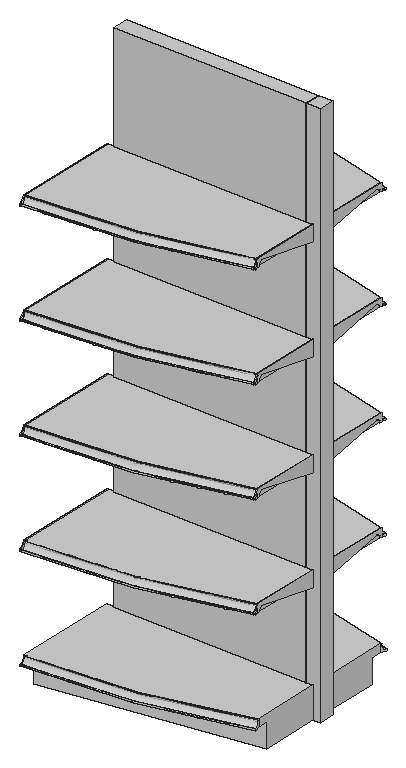
Revit family "ML16", category Specialty Equipment, Revit 2012
Parameters (values of type "Half Radius Convex Big to Small (Default)")
  Width = 3' - 0"
  URL = "http://www.madixinc.com/display/maxiline/shelvesaccessories/halfradiusbase.html"
  Model = "Maxi Line"
  Manufacturer = "© 2012 Madix, Inc. All rights reserved."
  "Front" Base Shelf [instance] = yes
  "Front" 2' Shelf [instance] = yes
  "Front" 3' 6" Shelf [instance] = yes
  "Front" 5' Shelf [instance] = yes
  "Front" 6' 6" Shelf [instance] = yes
  Height = 8' - 0"
  "Back" Base Shelf [instance] = yes
  "Back" 2' Shelf [instance] = yes
  "Back" 3' 6" Shelf [instance] = yes
  "Back" 5' Shelf [instance] = yes
  "Back" 6' 6" Shelf [instance] = yes
  "Front" Shelf Depth = 1' - 6"
  "Back" Shelf Depth = 1' - 6"
Reference planes (in)
  plane 1 "Center (Front/Back)": y = 0
  plane 2: z = 0
  plane 3 "Center (Left/Right)": x = 0
  plane 4: x = -18
  plane 5: x = 18
  plane 6: y = 1.375
  plane 7: y = -1.375
  plane 8: z = 96
  plane 9: x = -19.25
  plane 10: x = -16.75
  plane 11: x = 19.25
  plane 12: x = 16.75
  plane 13: y = -20.25
  plane 14: y = -14.25
  plane 15: y = 20.25
  plane 16: y = 14.25
  plane 17: x = -19.25
  plane 18: x = 19.25
  plane 19: y = -19.375
  plane 20: y = 19.375
  plane 21: y = -13.375
  plane 22: y = 13.375
  plane 23: y = -13.25
  plane 24: y = -19.25
  plane 25: y = 13.25
  plane 26: y = 19.25
  plane 27: x = -17.875
  plane 28: x = 17.875
  plane 29: y = -17.375
  plane 30: y = 17.375
  plane 31: y = -11.375
  plane 32: y = 11.375
  plane 33: z = 5.5
  plane 34: z = 4.125
  plane 35: z = 23.5
  plane 36: z = 41.5
  plane 37: z = 59.5
  plane 38: z = 77.5
  plane 39: z = 22.125
  plane 40: z = 40.125
  plane 41: z = 58.125
  plane 42: z = 76.125
Forms (in)
  Extrusion 1, solid, material "Metal - Steel"
    sketch origin (0, 0, 0) x (1, 0, 0) y (0, 1, 0)
      loop
        line (16.75, 1.375) -> (16.75, -1.375) -> (19.25, -1.375) -> (19.25, 1.375) -> (16.75, 1.375)
      loop
        line (-16.71875, -1.375) -> (16.71875, -1.375) -> (16.71875, 1.375) -> (-16.71875, 1.375) -> (-16.71875, -1.375)
    from 0 to 96
  Extrusion 2, solid, material "Metal - Steel", visible <- ""Front" Base Shelf"
    sketch origin (0, 0, 0) x (1, 0, 0) y (0, 1, 0)
      loop
        line (-18, -1.375) -> (-18, -17.375) -> (18, -11.375) -> (18, -1.375) -> (-18, -1.375)
    from 0 to 4.125
  Extrusion 3, solid, material "Metal - Steel", visible <- ""Front" Base Shelf"
    sketch origin (0, 0, 0) x (1, 0, 0) y (0, 1, 0)
      loop
        line (-18, -1.375) -> (-18, -19.25) -> (-17.875, -19.25)
        arc (-17.875, -19.25) -> (0.28456, -17.57775) -> (18, -13.25) r 123.52118
        line (18, -13.25) -> (18, -1.375) -> (-18, -1.375)
    from 4.125 to 5.5
  Extrusion 4, solid, material "Metal - Steel", visible <- ""Back" Base Shelf"
    sketch origin (0, 0, 0) x (1, 0, 0) y (0, 1, 0)
      loop
        line (-18, 1.375) -> (18, 1.375) -> (18, 11.375) -> (-18, 17.375) -> (-18, 1.375)
    from 0 to 4.125
  Extrusion 5, solid, material "Metal - Steel", visible <- ""Back" Base Shelf"
    sketch origin (0, 0, 0) x (1, 0, 0) y (0, 1, 0)
      loop
        line (-18, 1.375) -> (18, 1.375) -> (18, 13.25)
        arc (18, 13.25) -> (0.28456, 17.57775) -> (-17.875, 19.25) r 123.52118
        line (-17.875, 19.25) -> (-18, 19.25) -> (-18, 1.375)
    from 4.125 to 5.5
  Sweep 6, solid, material "Metal - Steel", visible <- ""Front" Base Shelf"
    path in 3D
      loop
        line (-18, -19.25, 5.5) -> (-17.875, -19.25, 5.5)
        arc (-17.875, -19.25, 5.5) -> (0.28456, -17.57775, 5.5) -> (18, -13.25, 5.5) r 123.52118
    profile origin (-17.9375, -19.25, 5.5) x (0, 1, 0) y (0, 0, 1)
      loop
        line (0, 0) -> (-0.25, 0) -> (-0.25, -0.125) -> (-0.125, -0.125)
        arc (-0.125, -0.125) -> (-0.38696, -0.76286) -> (-0.875, -1.25) r 1.75
        line (-0.875, -1.25) -> (-0.875, -1.125) -> (-1, -1.125) -> (-1, -1.375) -> (0, -1.375) -> (0, 0)
  Sweep 7, solid, material "Metal - Steel", visible <- ""Back" Base Shelf"
    path in 3D
      loop
        arc (18, 13.25, 5.5) -> (0.28456, 17.57775, 5.5) -> (-17.875, 19.25, 5.5) r 123.52118
        line (-17.875, 19.25, 5.5) -> (-18, 19.25, 5.5)
    profile origin (-17.9375, 19.25, 5.5) x (0, -1, 0) y (0, 0, 1)
      loop
        line (0, 0) -> (-0.25, 0) -> (-0.25, -0.125) -> (-0.125, -0.125)
        arc (-0.125, -0.125) -> (-0.38696, -0.76286) -> (-0.875, -1.25) r 1.75
        line (-0.875, -1.25) -> (-0.875, -1.125) -> (-1, -1.125) -> (-1, -1.375) -> (0, -1.375) -> (0, 0)
  Extrusion 8, solid, material "Metal - Steel", visible <- ""Front" 2' Shelf"
    sketch origin (0, 0, 0) x (1, 0, 0) y (0, 1, 0)
      loop
        line (-17.875, -1.375) -> (-17.875, -19.25) -> (-17.75, -19.25)
        arc (-17.75, -19.25) -> (0.28602, -17.57718) -> (17.875, -13.25) r 121.89023
        line (17.875, -13.25) -> (17.875, -1.375) -> (-17.875, -1.375)
    from 22.125 to 23.5
  Extrusion 9, solid, material "Metal - Steel", visible <- ""Back" 2' Shelf"
    sketch origin (0, 0, 0) x (1, 0, 0) y (0, 1, 0)
      loop
        line (-17.875, 1.375) -> (17.875, 1.375) -> (17.875, 13.25)
        arc (17.875, 13.25) -> (0.28602, 17.57718) -> (-17.75, 19.25) r 121.89023
        line (-17.75, 19.25) -> (-17.875, 19.25) -> (-17.875, 1.375)
    from 22.125 to 23.5
  Sweep 10, solid, material "Metal - Steel", visible <- ""Front" 2' Shelf"
    path in 3D
      loop
        line (-17.875, -19.25, 23.5) -> (-17.75, -19.25, 23.5)
        arc (-17.75, -19.25, 23.5) -> (0.28602, -17.57718, 23.5) -> (17.875, -13.25, 23.5) r 121.89023
    profile origin (-17.8125, -19.25, 23.5) x (0, 1, 0) y (0, 0, 1)
      loop
        line (0, 0) -> (-0.25, 0) -> (-0.25, -0.125) -> (-0.125, -0.125)
        arc (-0.125, -0.125) -> (-0.38696, -0.76286) -> (-0.875, -1.25) r 1.75
        line (-0.875, -1.25) -> (-0.875, -1.125) -> (-1, -1.125) -> (-1, -1.375) -> (0, -1.375) -> (0, 0)
  Sweep 11, solid, material "Metal - Steel", visible <- ""Back" 2' Shelf"
    path in 3D
      loop
        arc (17.875, 13.25, 23.5) -> (0.28602, 17.57718, 23.5) -> (-17.75, 19.25, 23.5) r 121.89023
        line (-17.75, 19.25, 23.5) -> (-17.875, 19.25, 23.5)
    profile origin (-17.8125, 19.25, 23.5) x (0, -1, 0) y (0, 0, 1)
      loop
        line (0, 0) -> (-0.25, 0) -> (-0.25, -0.125) -> (-0.125, -0.125)
        arc (-0.125, -0.125) -> (-0.38696, -0.76286) -> (-0.875, -1.25) r 1.75
        line (-0.875, -1.25) -> (-0.875, -1.125) -> (-1, -1.125) -> (-1, -1.375) -> (0, -1.375) -> (0, 0)
  Extrusion 12, solid, material "Metal - Steel", visible <- ""Front" 3' 6" Shelf"
    sketch origin (0, 0, 0) x (1, 0, 0) y (0, 1, 0)
      loop
        line (-17.875, -1.375) -> (-17.875, -19.25) -> (-17.75, -19.25)
        arc (-17.75, -19.25) -> (0.28602, -17.57718) -> (17.875, -13.25) r 121.89023
        line (17.875, -13.25) -> (17.875, -1.375) -> (-17.875, -1.375)
    from 40.125 to 41.5
  Extrusion 13, solid, material "Metal - Steel", visible <- ""Front" 5' Shelf"
    sketch origin (0, 0, 0) x (1, 0, 0) y (0, 1, 0)
      loop
        line (-17.875, -1.375) -> (-17.875, -19.25) -> (-17.75, -19.25)
        arc (-17.75, -19.25) -> (0.28602, -17.57718) -> (17.875, -13.25) r 121.89023
        line (17.875, -13.25) -> (17.875, -1.375) -> (-17.875, -1.375)
    from 58.125 to 59.5
  Extrusion 14, solid, material "Metal - Steel", visible <- ""Front" 6' 6" Shelf"
    sketch origin (0, 0, 0) x (1, 0, 0) y (0, 1, 0)
      loop
        line (-17.875, -1.375) -> (-17.875, -19.25) -> (-17.75, -19.25)
        arc (-17.75, -19.25) -> (0.28602, -17.57718) -> (17.875, -13.25) r 121.89023
        line (17.875, -13.25) -> (17.875, -1.375) -> (-17.875, -1.375)
    from 76.125 to 77.5
  Extrusion 15, solid, material "Metal - Steel", visible <- ""Back" 3' 6" Shelf"
    sketch origin (0, 0, 0) x (1, 0, 0) y (0, 1, 0)
      loop
        line (-17.875, 1.375) -> (17.875, 1.375) -> (17.875, 13.25)
        arc (17.875, 13.25) -> (0.28602, 17.57718) -> (-17.75, 19.25) r 121.89023
        line (-17.75, 19.25) -> (-17.875, 19.25) -> (-17.875, 1.375)
    from 40.125 to 41.5
  Extrusion 16, solid, material "Metal - Steel", visible <- ""Back" 5' Shelf"
    sketch origin (0, 0, 0) x (1, 0, 0) y (0, 1, 0)
      loop
        line (-17.875, 1.375) -> (17.875, 1.375) -> (17.875, 13.25)
        arc (17.875, 13.25) -> (0.28602, 17.57718) -> (-17.75, 19.25) r 121.89023
        line (-17.75, 19.25) -> (-17.875, 19.25) -> (-17.875, 1.375)
    from 58.125 to 59.5
  Extrusion 17, solid, material "Metal - Steel", visible <- ""Back" 6' 6" Shelf"
    sketch origin (0, 0, 0) x (1, 0, 0) y (0, 1, 0)
      loop
        line (-17.875, 1.375) -> (17.875, 1.375) -> (17.875, 13.25)
        arc (17.875, 13.25) -> (0.28602, 17.57718) -> (-17.75, 19.25) r 121.89023
        line (-17.75, 19.25) -> (-17.875, 19.25) -> (-17.875, 1.375)
    from 76.125 to 77.5
  Extrusion 18, solid, material "Metal - Steel", visible <- ""Front" 2' Shelf"
    sketch origin (0, 0, 0) x (0, 1, 0) y (0, 0, 1)
      loop
        line (-1.375, 23.5) -> (-19.5, 23.5) -> (-19.5, 23.375)
        arc (-19.5, 23.375) -> (-19.81743, 22.83182) -> (-20.25, 22.375) r 2.75
        line (-20.25, 22.375) -> (-20.25, 22.125) -> (-19.25, 22.125) -> (-19.25, 22.375) -> (-18.5, 23) -> (-18.25, 23) -> (-18.25, 22.875) -> (-1.375, 20.75) -> (-1.375, 23.5)
      loop
        circle (-3.5, 23) r 0.125
      loop
        circle (-16.25, 23) r 0.125
    from -18 to -17.875
  Extrusion 19, solid, material "Metal - Steel", visible <- ""Back" 2' Shelf"
    sketch origin (0, 0, 0) x (0, -1, 0) y (0, 0, -1)
      loop
        line (-1.375, -23.5) -> (-1.375, -20.75) -> (-18.25, -22.875) -> (-18.25, -23) -> (-18.5, -23) -> (-19.25, -22.375) -> (-19.25, -22.125) -> (-20.25, -22.125) -> (-20.25, -22.375)
        arc (-20.25, -22.375) -> (-19.81743, -22.83182) -> (-19.5, -23.375) r 2.75
        line (-19.5, -23.375) -> (-19.5, -23.5) -> (-1.375, -23.5)
      loop
        circle (-9.5, -23) r 0.125
      loop
        circle (-16.25, -23) r 0.125
    from -18 to -17.875
  Extrusion 20, solid, material "Metal - Steel", visible <- ""Front" 2' Shelf"
    sketch origin (0, 0, 0) x (0, 1, 0) y (0, 0, 1)
      loop
        line (-1.375, 23.5) -> (-13.5, 23.5) -> (-13.5, 23.375)
        arc (-13.5, 23.375) -> (-13.81743, 22.83182) -> (-14.25, 22.375) r 2.75
        line (-14.25, 22.375) -> (-14.25, 22.125) -> (-13.25, 22.125) -> (-13.25, 22.375) -> (-12.5, 23) -> (-12.25, 23) -> (-12.25, 22.875) -> (-1.375, 20.75) -> (-1.375, 23.5)
      loop
        circle (-3.5, 23) r 0.125
      loop
        circle (-10.25, 23) r 0.125
    from 17.875 to 18
  Extrusion 21, solid, material "Metal - Steel", visible <- ""Back" 2' Shelf"
    sketch origin (0, 0, 0) x (0, -1, 0) y (0, 0, -1)
      loop
        line (-1.375, -23.5) -> (-1.375, -20.75) -> (-12.25, -22.875) -> (-12.25, -23) -> (-12.5, -23) -> (-13.25, -22.375) -> (-13.25, -22.125) -> (-14.25, -22.125) -> (-14.25, -22.375)
        arc (-14.25, -22.375) -> (-13.81743, -22.83182) -> (-13.5, -23.375) r 2.75
        line (-13.5, -23.375) -> (-13.5, -23.5) -> (-1.375, -23.5)
      loop
        circle (-3.5, -23) r 0.125
      loop
        circle (-10.25, -23) r 0.125
    from 17.875 to 18
  Sweep 22, solid, material "Metal - Steel", visible <- ""Front" 5' Shelf"
    path in 3D
      loop
        line (-17.875, -19.25, 59.5) -> (-17.75, -19.25, 59.5)
        arc (-17.75, -19.25, 59.5) -> (0.28602, -17.57718, 59.5) -> (17.875, -13.25, 59.5) r 121.89023
    profile origin (-17.8125, -19.25, 59.5) x (0, 1, 0) y (0, 0, 1)
      loop
        line (0, 0) -> (-0.25, 0) -> (-0.25, -0.125) -> (-0.125, -0.125)
        arc (-0.125, -0.125) -> (-0.38696, -0.76286) -> (-0.875, -1.25) r 1.74999
        line (-0.875, -1.25) -> (-0.875, -1.125) -> (-1, -1.125) -> (-1, -1.375) -> (0, -1.375) -> (0, 0)
  Sweep 23, solid, material "Metal - Steel", visible <- ""Front" 6' 6" Shelf"
    path in 3D
      loop
        line (-17.875, -19.25, 77.5) -> (-17.75, -19.25, 77.5)
        arc (-17.75, -19.25, 77.5) -> (0.28602, -17.57718, 77.5) -> (17.875, -13.25, 77.5) r 121.89023
    profile origin (-17.8125, -19.25, 77.5) x (0, 1, 0) y (0, 0, 1)
      loop
        line (0, 0) -> (-0.25, 0) -> (-0.25, -0.125) -> (-0.125, -0.125)
        arc (-0.125, -0.125) -> (-0.38696, -0.76286) -> (-0.875, -1.25) r 1.74999
        line (-0.875, -1.25) -> (-0.875, -1.125) -> (-1, -1.125) -> (-1, -1.375) -> (0, -1.375) -> (0, 0)
  Sweep 24, solid, material "Metal - Steel", visible <- ""Back" 3' 6" Shelf"
    path in 3D
      loop
        arc (17.875, 13.25, 41.5) -> (0.28602, 17.57718, 41.5) -> (-17.75, 19.25, 41.5) r 121.89023
        line (-17.75, 19.25, 41.5) -> (-17.875, 19.25, 41.5)
    profile origin (-17.8125, 19.25, 41.5) x (0, -1, 0) y (0, 0, 1)
      loop
        arc (-0.125, -0.125) -> (-0.38696, -0.76286) -> (-0.875, -1.25) r 1.75
        line (-0.875, -1.25) -> (-0.875, -1.125) -> (-1, -1.125) -> (-1, -1.375) -> (0, -1.375) -> (0, 0) -> (-0.25, 0) -> (-0.25, -0.125) -> (-0.125, -0.125)
  Sweep 25, solid, material "Metal - Steel", visible <- ""Back" 5' Shelf"
    path in 3D
      loop
        arc (17.875, 13.25, 59.5) -> (0.28602, 17.57718, 59.5) -> (-17.75, 19.25, 59.5) r 121.89023
        line (-17.75, 19.25, 59.5) -> (-17.875, 19.25, 59.5)
    profile origin (-17.8125, 19.25, 59.5) x (0, -1, 0) y (0, 0, 1)
      loop
        arc (-0.125, -0.125) -> (-0.38696, -0.76286) -> (-0.875, -1.25) r 1.75
        line (-0.875, -1.25) -> (-0.875, -1.125) -> (-1, -1.125) -> (-1, -1.375) -> (0, -1.375) -> (0, 0) -> (-0.25, 0) -> (-0.25, -0.125) -> (-0.125, -0.125)
  Sweep 26, solid, material "Metal - Steel", visible <- ""Back" 6' 6" Shelf"
    path in 3D
      loop
        arc (17.875, 13.25, 77.5) -> (0.28602, 17.57718, 77.5) -> (-17.75, 19.25, 77.5) r 121.89023
        line (-17.75, 19.25, 77.5) -> (-17.875, 19.25, 77.5)
    profile origin (-17.8125, 19.25, 77.5) x (0, -1, 0) y (0, 0, 1)
      loop
        arc (-0.125, -0.125) -> (-0.38696, -0.76286) -> (-0.875, -1.25) r 1.74999
        line (-0.875, -1.25) -> (-0.875, -1.125) -> (-1, -1.125) -> (-1, -1.375) -> (0, -1.375) -> (0, 0) -> (-0.25, 0) -> (-0.25, -0.125) -> (-0.125, -0.125)
  Extrusion 27, solid, material "Metal - Steel", visible <- ""Front" 3' 6" Shelf"
    sketch origin (0, 0, 18) x (0, 1, 0) y (0, 0, 1)
      loop
        line (-1.375, 23.5) -> (-19.5, 23.5) -> (-19.5, 23.375)
        arc (-19.5, 23.375) -> (-19.81743, 22.83182) -> (-20.25, 22.375) r 2.75
        line (-20.25, 22.375) -> (-20.25, 22.125) -> (-19.25, 22.125) -> (-19.25, 22.375) -> (-18.5, 23) -> (-18.25, 23) -> (-18.25, 22.875) -> (-1.375, 20.75) -> (-1.375, 23.5)
      loop
        circle (-3.5, 23) r 0.125
      loop
        circle (-16.25, 23) r 0.125
    from -18 to -17.875
  Extrusion 28, solid, material "Metal - Steel", visible <- ""Front" 5' Shelf"
    sketch origin (0, 0, 36) x (0, 1, 0) y (0, 0, 1)
      loop
        line (-1.375, 23.5) -> (-19.5, 23.5) -> (-19.5, 23.375)
        arc (-19.5, 23.375) -> (-19.81743, 22.83182) -> (-20.25, 22.375) r 2.75
        line (-20.25, 22.375) -> (-20.25, 22.125) -> (-19.25, 22.125) -> (-19.25, 22.375) -> (-18.5, 23) -> (-18.25, 23) -> (-18.25, 22.875) -> (-1.375, 20.75) -> (-1.375, 23.5)
      loop
        circle (-3.5, 23) r 0.125
      loop
        circle (-16.25, 23) r 0.125
    from -18 to -17.875
  Extrusion 29, solid, material "Metal - Steel", visible <- ""Front" 6' 6" Shelf"
    sketch origin (0, 0, 54) x (0, 1, 0) y (0, 0, 1)
      loop
        line (-1.375, 23.5) -> (-19.5, 23.5) -> (-19.5, 23.375)
        arc (-19.5, 23.375) -> (-19.81743, 22.83182) -> (-20.25, 22.375) r 2.75
        line (-20.25, 22.375) -> (-20.25, 22.125) -> (-19.25, 22.125) -> (-19.25, 22.375) -> (-18.5, 23) -> (-18.25, 23) -> (-18.25, 22.875) -> (-1.375, 20.75) -> (-1.375, 23.5)
      loop
        circle (-3.5, 23) r 0.125
      loop
        circle (-16.25, 23) r 0.125
    from -18 to -17.875
  Extrusion 30, solid, material "Metal - Steel", visible <- ""Back" 6' 6" Shelf"
    sketch origin (0, 0, 54) x (0, -1, 0) y (0, 0, -1)
      loop
        line (-1.375, -23.5) -> (-1.375, -20.75) -> (-18.25, -22.875) -> (-18.25, -23) -> (-18.5, -23) -> (-19.25, -22.375) -> (-19.25, -22.125) -> (-20.25, -22.125) -> (-20.25, -22.375)
        arc (-20.25, -22.375) -> (-19.81743, -22.83182) -> (-19.5, -23.375) r 2.75
        line (-19.5, -23.375) -> (-19.5, -23.5) -> (-1.375, -23.5)
      loop
        circle (-3.5, -23) r 0.125
      loop
        circle (-16.25, -23) r 0.125
    from -18 to -17.875
  Extrusion 31, solid, material "Metal - Steel", visible <- ""Back" 5' Shelf"
    sketch origin (0, 0, 36) x (0, -1, 0) y (0, 0, -1)
      loop
        line (-1.375, -23.5) -> (-1.375, -20.75) -> (-18.25, -22.875) -> (-18.25, -23) -> (-18.5, -23) -> (-19.25, -22.375) -> (-19.25, -22.125) -> (-20.25, -22.125) -> (-20.25, -22.375)
        arc (-20.25, -22.375) -> (-19.81743, -22.83182) -> (-19.5, -23.375) r 2.75
        line (-19.5, -23.375) -> (-19.5, -23.5) -> (-1.375, -23.5)
      loop
        circle (-3.5, -23) r 0.125
      loop
        circle (-16.25, -23) r 0.125
    from -18 to -17.875
  Extrusion 32, solid, material "Metal - Steel", visible <- ""Back" 3' 6" Shelf"
    sketch origin (0, 0, 18) x (0, -1, 0) y (0, 0, -1)
      loop
        line (-1.375, -23.5) -> (-1.375, -20.75) -> (-18.25, -22.875) -> (-18.25, -23) -> (-18.5, -23) -> (-19.25, -22.375) -> (-19.25, -22.125) -> (-20.25, -22.125) -> (-20.25, -22.375)
        arc (-20.25, -22.375) -> (-19.81743, -22.83182) -> (-19.5, -23.375) r 2.75
        line (-19.5, -23.375) -> (-19.5, -23.5) -> (-1.375, -23.5)
      loop
        circle (-3.5, -23) r 0.125
      loop
        circle (-16.25, -23) r 0.125
    from -18 to -17.875
  Extrusion 33, solid, material "Metal - Steel", visible <- ""Back" 3' 6" Shelf"
    sketch origin (0, 0, 18) x (0, -1, 0) y (0, 0, -1)
      loop
        line (-1.375, -23.5) -> (-1.375, -20.75) -> (-12.25, -22.875) -> (-12.25, -23) -> (-12.5, -23) -> (-13.25, -22.375) -> (-13.25, -22.125) -> (-14.25, -22.125) -> (-14.25, -22.375)
        arc (-14.25, -22.375) -> (-13.81743, -22.83182) -> (-13.5, -23.375) r 2.75
        line (-13.5, -23.375) -> (-13.5, -23.5) -> (-1.375, -23.5)
      loop
        circle (-3.5, -23) r 0.125
      loop
        circle (-10.25, -23) r 0.125
    from 17.875 to 18
  Extrusion 34, solid, material "Metal - Steel", visible <- ""Back" 5' Shelf"
    sketch origin (0, 0, 36) x (0, -1, 0) y (0, 0, -1)
      loop
        line (-1.375, -23.5) -> (-1.375, -20.75) -> (-12.25, -22.875) -> (-12.25, -23) -> (-12.5, -23) -> (-13.25, -22.375) -> (-13.25, -22.125) -> (-14.25, -22.125) -> (-14.25, -22.375)
        arc (-14.25, -22.375) -> (-13.81743, -22.83182) -> (-13.5, -23.375) r 2.75
        line (-13.5, -23.375) -> (-13.5, -23.5) -> (-1.375, -23.5)
      loop
        circle (-3.5, -23) r 0.125
      loop
        circle (-10.25, -23) r 0.125
    from 17.875 to 18
  Extrusion 35, solid, material "Metal - Steel", visible <- ""Back" 6' 6" Shelf"
    sketch origin (0, 0, 54) x (0, -1, 0) y (0, 0, -1)
      loop
        line (-1.375, -23.5) -> (-1.375, -20.75) -> (-12.25, -22.875) -> (-12.25, -23) -> (-12.5, -23) -> (-13.25, -22.375) -> (-13.25, -22.125) -> (-14.25, -22.125) -> (-14.25, -22.375)
        arc (-14.25, -22.375) -> (-13.81743, -22.83182) -> (-13.5, -23.375) r 2.75
        line (-13.5, -23.375) -> (-13.5, -23.5) -> (-1.375, -23.5)
      loop
        circle (-3.5, -23) r 0.125
      loop
        circle (-10.25, -23) r 0.125
    from 17.875 to 18
  Extrusion 36, solid, material "Metal - Steel", visible <- ""Front" 6' 6" Shelf"
    sketch origin (0, 0, 54) x (0, 1, 0) y (0, 0, 1)
      loop
        line (-1.375, 23.5) -> (-13.5, 23.5) -> (-13.5, 23.375)
        arc (-13.5, 23.375) -> (-13.81743, 22.83182) -> (-14.25, 22.375) r 2.75
        line (-14.25, 22.375) -> (-14.25, 22.125) -> (-13.25, 22.125) -> (-13.25, 22.375) -> (-12.5, 23) -> (-12.25, 23) -> (-12.25, 22.875) -> (-1.375, 20.75) -> (-1.375, 23.5)
      loop
        circle (-3.5, 23) r 0.125
      loop
        circle (-10.25, 23) r 0.125
    from 17.875 to 18
  Extrusion 37, solid, material "Metal - Steel", visible <- ""Front" 5' Shelf"
    sketch origin (0, 0, 36) x (0, 1, 0) y (0, 0, 1)
      loop
        line (-1.375, 23.5) -> (-13.5, 23.5) -> (-13.5, 23.375)
        arc (-13.5, 23.375) -> (-13.81743, 22.83182) -> (-14.25, 22.375) r 2.75
        line (-14.25, 22.375) -> (-14.25, 22.125) -> (-13.25, 22.125) -> (-13.25, 22.375) -> (-12.5, 23) -> (-12.25, 23) -> (-12.25, 22.875) -> (-1.375, 20.75) -> (-1.375, 23.5)
      loop
        circle (-3.5, 23) r 0.125
      loop
        circle (-10.25, 23) r 0.125
    from 17.875 to 18
  Extrusion 38, solid, material "Metal - Steel", visible <- ""Front" 3' 6" Shelf"
    sketch origin (0, 0, 18) x (0, 1, 0) y (0, 0, 1)
      loop
        line (-1.375, 23.5) -> (-13.5, 23.5) -> (-13.5, 23.375)
        arc (-13.5, 23.375) -> (-13.81743, 22.83182) -> (-14.25, 22.375) r 2.75
        line (-14.25, 22.375) -> (-14.25, 22.125) -> (-13.25, 22.125) -> (-13.25, 22.375) -> (-12.5, 23) -> (-12.25, 23) -> (-12.25, 22.875) -> (-1.375, 20.75) -> (-1.375, 23.5)
      loop
        circle (-3.5, 23) r 0.125
      loop
        circle (-10.25, 23) r 0.125
    from 17.875 to 18
  Sweep 39, solid, material "Metal - Steel", visible <- ""Front" 3' 6" Shelf"
    path in 3D
      loop
        line (-17.875, -19.25, 41.5) -> (-17.75, -19.25, 41.5)
        arc (-17.75, -19.25, 41.5) -> (0.28602, -17.57718, 41.5) -> (17.875, -13.25, 41.5) r 121.89023
    profile origin (-17.8125, -19.25, 41.5) x (0, 1, 0) y (0, 0, 1)
      loop
        line (0, 0) -> (-0.25, 0) -> (-0.25, -0.125) -> (-0.125, -0.125)
        arc (-0.125, -0.125) -> (-0.38696, -0.76286) -> (-0.875, -1.25) r 1.75
        line (-0.875, -1.25) -> (-0.875, -1.125) -> (-1, -1.125) -> (-1, -1.375) -> (0, -1.375) -> (0, 0)
Cuts and joins
  joined: Extrusion 4, Extrusion 5, Sweep 7
  joined: Extrusion 2, Extrusion 3, Sweep 6
  joined: Extrusion 9, Sweep 11
  joined: Extrusion 8, Sweep 10
  joined: Extrusion 13, Sweep 22
  joined: Extrusion 14, Sweep 23
  joined: Extrusion 15, Sweep 24
  joined: Extrusion 16, Sweep 25
  joined: Extrusion 17, Sweep 26
  joined: Extrusion 12, Sweep 39
Lines and regions (in)
  sketch lines
    curve 1: line (-18, -19.25, 5.5) -> (-17.875, -19.25, 5.5)
    curve 2: arc (18, -13.25, 5.5) -> (0.28456, -17.57775, 5.5) -> (-17.875, -19.25, 5.5) r 123.52118
    curve 3: line (-17.875, 19.25, 5.5) -> (-18, 19.25, 5.5)
    curve 4: arc (-17.875, 19.25, 5.5) -> (0.28456, 17.57775, 5.5) -> (18, 13.25, 5.5) r 123.52118
    curve 5: line (-17.875, -19.25, 23.5) -> (-17.75, -19.25, 23.5)
    curve 6: arc (17.875, -13.25, 23.5) -> (0.28602, -17.57718, 23.5) -> (-17.75, -19.25, 23.5) r 121.89023
    curve 7: line (-17.75, 19.25, 23.5) -> (-17.875, 19.25, 23.5)
    curve 8: arc (-17.75, 19.25, 23.5) -> (0.28602, 17.57718, 23.5) -> (17.875, 13.25, 23.5) r 121.89023
    curve 9: line (-17.875, -19.25, 59.5) -> (-17.75, -19.25, 59.5)
    curve 10: arc (17.875, -13.25, 59.5) -> (0.28602, -17.57718, 59.5) -> (-17.75, -19.25, 59.5) r 121.89023
    curve 11: line (-17.875, -19.25, 77.5) -> (-17.75, -19.25, 77.5)
    curve 12: arc (17.875, -13.25, 77.5) -> (0.28602, -17.57718, 77.5) -> (-17.75, -19.25, 77.5) r 121.89023
    curve 13: line (-17.75, 19.25, 41.5) -> (-17.875, 19.25, 41.5)
    curve 14: arc (-17.75, 19.25, 41.5) -> (0.28602, 17.57718, 41.5) -> (17.875, 13.25, 41.5) r 121.89023
    curve 15: line (-17.75, 19.25, 59.5) -> (-17.875, 19.25, 59.5)
    curve 16: arc (-17.75, 19.25, 59.5) -> (0.28602, 17.57718, 59.5) -> (17.875, 13.25, 59.5) r 121.89023
    curve 17: line (-17.75, 19.25, 77.5) -> (-17.875, 19.25, 77.5)
    curve 18: arc (-17.75, 19.25, 77.5) -> (0.28602, 17.57718, 77.5) -> (17.875, 13.25, 77.5) r 121.89023
    curve 19: line (-17.875, -19.25, 41.5) -> (-17.75, -19.25, 41.5)
    curve 20: arc (17.875, -13.25, 41.5) -> (0.28602, -17.57718, 41.5) -> (-17.75, -19.25, 41.5) r 121.89023
Dimensions and locks (in)
  "Height": plane 8 to level
  equal spacing: plane 4, plane 3 "Center (Left/Right)", plane 5
  "Width": plane 4 to plane 5
  locked: plane 9 to plane 10 at 2.5
  locked: plane 12 to plane 11 at 2.5
  locked: plane 17 to plane 4 at 1.25
  locked: plane 5 to plane 18 at 1.25
  ""Front" Shelf Depth": plane 19 to plane 7
  ""Back" Shelf Depth": plane 6 to plane 20
  locked: plane 21 to plane 19 at 6
  locked: plane 22 to plane 20 at 6
  locked: plane 19 to plane 13 at 0.875
  locked: plane 21 to plane 14 at 0.875
  locked: plane 16 to plane 22 at 0.875
  locked: plane 20 to plane 15 at 0.875
  locked: plane 23 to plane 21 at 0.125
  locked: plane 24 to plane 19 at 0.125
  locked: plane 25 to plane 22 at 0.125
  locked: plane 26 to plane 20 at 0.125
  locked: plane 4 to plane 27 at 0.125
  locked: plane 28 to plane 5 at 0.125
  locked: plane 31 to plane 21 at 2
  locked: plane 29 to plane 19 at 2
  locked: plane 22 to plane 32 at 2
  locked: plane 20 to plane 30 at 2
  aligned and locked: level to plane 2
  aligned and locked: plane 8 to Extrusion 1
  aligned and locked: plane 11 to plane 18
  aligned and locked: plane 9 to plane 17
  aligned and locked: Extrusion 18 to plane 4
  aligned and locked: plane 27 to Extrusion 18
  aligned and locked: Extrusion 20 to plane 5
  aligned and locked: plane 28 to Extrusion 20
  aligned and locked: Extrusion 21 to plane 5
  aligned and locked: plane 28 to Extrusion 21
  aligned and locked: plane 27 to Extrusion 19
  aligned and locked: Extrusion 19 to plane 4
  aligned and locked: Extrusion 30 to plane 4
  aligned and locked: plane 27 to Extrusion 30
  aligned and locked: Extrusion 31 to plane 4
  aligned and locked: plane 27 to Extrusion 31
  aligned and locked: Extrusion 32 to plane 4
  aligned and locked: plane 27 to Extrusion 32
  aligned and locked: Extrusion 35 to plane 5
  aligned and locked: plane 28 to Extrusion 35
  aligned and locked: Extrusion 34 to plane 5
  aligned and locked: plane 28 to Extrusion 34
  aligned and locked: Extrusion 33 to plane 5
  aligned and locked: plane 28 to Extrusion 33
  aligned and locked: Extrusion 36 to plane 5
  aligned and locked: plane 28 to Extrusion 36
  aligned and locked: Extrusion 37 to plane 5
  aligned and locked: plane 28 to Extrusion 37
  aligned and locked: Extrusion 38 to plane 5
  aligned and locked: plane 28 to Extrusion 38
  aligned and locked: Extrusion 29 to plane 4
  aligned and locked: plane 27 to Extrusion 29
  aligned and locked: Extrusion 28 to plane 4
  aligned and locked: plane 27 to Extrusion 28
  aligned and locked: Extrusion 27 to plane 4
  aligned and locked: plane 27 to Extrusion 27
Automatic sketch dimensions
  Extrusion 1 sketch curve to plane 6 = 0' - 0"  (x2)
  plane 7 to Extrusion 1 sketch curve = 0' - 0"  (x2)
  Extrusion 1 sketch curve to plane 12 = 0' - 0"
  Extrusion 1 sketch curve to plane 11 = 0' - 0"
  Extrusion 1 sketch curve to Extrusion 1 sketch curve = 0' - 0 1/32"
  plane 10 to Extrusion 1 sketch curve = 0' - 0 1/32"
  Extrusion 2 sketch curve to plane 4 = 0' - 0"
  Extrusion 2 sketch curve to plane 5 = 0' - 0"
  plane 29 to Extrusion 2 sketch curve = 0' - 0"
  Extrusion 2 sketch curve to plane 31 = 0' - 0"
  plane 7 to Extrusion 2 sketch curve = 0' - 0"
  Extrusion 3 sketch curve to plane 4 = 0' - 0"
  Extrusion 3 sketch curve to plane 24 = 0' - 0"
  Extrusion 3 sketch curve to plane 27 = 0' - 0"
  Extrusion 3 sketch curve to plane 5 = 0' - 0"
  Extrusion 3 sketch curve to plane 23 = 0' - 0"
  plane 7 to Extrusion 3 sketch curve = 0' - 0"
  Extrusion 3 sketch curve to plane 9 = 0' - 0.84103"
  Extrusion 4 sketch curve to plane 4 = 0' - 0"
  Extrusion 4 sketch curve to plane 5 = 0' - 0"
  Extrusion 4 sketch curve to plane 30 = 0' - 0"
  plane 32 to Extrusion 4 sketch curve = 0' - 0"
  Extrusion 4 sketch curve to plane 6 = 0' - 0"
  Extrusion 5 sketch curve to plane 4 = 0' - 0"
  plane 26 to Extrusion 5 sketch curve = 0' - 0"
  Extrusion 5 sketch curve to plane 27 = 0' - 0"
  Extrusion 5 sketch curve to plane 5 = 0' - 0"
  plane 25 to Extrusion 5 sketch curve = 0' - 0"
  Extrusion 5 sketch curve to plane 6 = 0' - 0"
  plane 9 to Extrusion 5 sketch curve = 0' - 0.84103"
  Sweep 6 sketch curve to profile plane = 0' - 0"  (x2)
  profile plane to Sweep 6 sketch curve = 0' - 0 1/8"
  Sweep 6 sketch curve to Sweep 6 sketch curve = 0' - 0 1/8"  (x5)
  profile plane to Sweep 6 sketch curve = 0' - 0 7/8"
  profile plane to Sweep 6 sketch curve = 0' - 0.20787"
  Sweep 6 sketch curve to Sweep 6 sketch curve = 0' - 0.84305"
  Sweep 7 sketch curve to profile plane = 0' - 0"  (x2)
  profile plane to Sweep 7 sketch curve = 0' - 0 1/8"
  Sweep 7 sketch curve to Sweep 7 sketch curve = 0' - 0 1/8"  (x5)
  profile plane to Sweep 7 sketch curve = 0' - 0 7/8"
  profile plane to Sweep 7 sketch curve = 0' - 0.20787"
  Sweep 7 sketch curve to Sweep 7 sketch curve = 0' - 0.84305"
  plane 7 to Extrusion 8 sketch curve = 0' - 0"
  Extrusion 8 sketch curve to plane 27 = 0' - 0"
  Extrusion 8 sketch curve to plane 24 = 0' - 0"
  Extrusion 8 sketch curve to plane 28 = 0' - 0"
  Extrusion 8 sketch curve to plane 23 = 0' - 0"
  Extrusion 8 sketch curve to plane 9 = 0' - 0.70775"
  plane 27 to Extrusion 8 sketch curve = 0' - 0 1/8"
  Extrusion 9 sketch curve to plane 6 = 0' - 0"
  Extrusion 9 sketch curve to plane 27 = 0' - 0"
  plane 26 to Extrusion 9 sketch curve = 0' - 0"
  Extrusion 9 sketch curve to plane 28 = 0' - 0"
  plane 25 to Extrusion 9 sketch curve = 0' - 0"
  plane 9 to Extrusion 9 sketch curve = 0' - 0.70775"
  Extrusion 9 sketch curve to plane 27 = 0' - 0 1/8"
  Sweep 10 sketch curve to profile plane = 0' - 0"  (x2)
  profile plane to Sweep 10 sketch curve = 0' - 0 1/8"
  Sweep 10 sketch curve to Sweep 10 sketch curve = 0' - 0 1/8"  (x4)
  profile plane to Sweep 10 sketch curve = 0' - 0 7/8"
  profile plane to Sweep 10 sketch curve = 0' - 0.20787"
  Sweep 10 sketch curve to Sweep 10 sketch curve = 0' - 0.84305"
  Sweep 10 sketch curve to profile plane = 0' - 0 1/8"
  Sweep 11 sketch curve to profile plane = 0' - 0"  (x2)
  profile plane to Sweep 11 sketch curve = 0' - 0 1/8"
  Sweep 11 sketch curve to Sweep 11 sketch curve = 0' - 0 1/8"  (x4)
  profile plane to Sweep 11 sketch curve = 0' - 0 7/8"
  profile plane to Sweep 11 sketch curve = 0' - 0.20787"
  Sweep 11 sketch curve to Sweep 11 sketch curve = 0' - 0.84305"
  Sweep 11 sketch curve to profile plane = 0' - 0 1/8"
  Extrusion 12 sketch curve to plane 24 = 0' - 0"
  Extrusion 12 sketch curve to plane 27 = 0' - 0"
  plane 7 to Extrusion 12 sketch curve = 0' - 0"
  Extrusion 12 sketch curve to plane 28 = 0' - 0"
  Extrusion 12 sketch curve to plane 23 = 0' - 0"
  Extrusion 12 sketch curve to plane 9 = 0' - 0.70775"
  plane 27 to Extrusion 12 sketch curve = 0' - 0 1/8"
  Extrusion 13 sketch curve to plane 24 = 0' - 0"
  Extrusion 13 sketch curve to plane 27 = 0' - 0"
  plane 7 to Extrusion 13 sketch curve = 0' - 0"
  Extrusion 13 sketch curve to plane 28 = 0' - 0"
  Extrusion 13 sketch curve to plane 23 = 0' - 0"
  Extrusion 13 sketch curve to plane 9 = 0' - 0.70775"
  plane 27 to Extrusion 13 sketch curve = 0' - 0 1/8"
  Extrusion 14 sketch curve to plane 24 = 0' - 0"
  Extrusion 14 sketch curve to plane 27 = 0' - 0"
  plane 7 to Extrusion 14 sketch curve = 0' - 0"
  Extrusion 14 sketch curve to plane 28 = 0' - 0"
  Extrusion 14 sketch curve to plane 23 = 0' - 0"
  Extrusion 14 sketch curve to plane 9 = 0' - 0.70775"
  plane 27 to Extrusion 14 sketch curve = 0' - 0 1/8"
  plane 26 to Extrusion 15 sketch curve = 0' - 0"
  Extrusion 15 sketch curve to plane 27 = 0' - 0"
  Extrusion 15 sketch curve to plane 6 = 0' - 0"
  Extrusion 15 sketch curve to plane 28 = 0' - 0"
  plane 25 to Extrusion 15 sketch curve = 0' - 0"
  plane 9 to Extrusion 15 sketch curve = 0' - 0.70775"
  Extrusion 15 sketch curve to plane 27 = 0' - 0 1/8"
  plane 26 to Extrusion 16 sketch curve = 0' - 0"
  Extrusion 16 sketch curve to plane 27 = 0' - 0"
  Extrusion 16 sketch curve to plane 6 = 0' - 0"
  Extrusion 16 sketch curve to plane 28 = 0' - 0"
  plane 25 to Extrusion 16 sketch curve = 0' - 0"
  plane 9 to Extrusion 16 sketch curve = 0' - 0.70775"
  Extrusion 16 sketch curve to plane 27 = 0' - 0 1/8"
  plane 26 to Extrusion 17 sketch curve = 0' - 0"
  Extrusion 17 sketch curve to plane 27 = 0' - 0"
  Extrusion 17 sketch curve to plane 6 = 0' - 0"
  Extrusion 17 sketch curve to plane 28 = 0' - 0"
  plane 25 to Extrusion 17 sketch curve = 0' - 0"
  plane 9 to Extrusion 17 sketch curve = 0' - 0.70775"
  Extrusion 17 sketch curve to plane 27 = 0' - 0 1/8"
  Extrusion 18 sketch curve to plane 13 = 0' - 0"
  plane 35 to Extrusion 18 sketch curve = 0' - 0"
  Extrusion 18 sketch curve to plane 24 = 0' - 0"
  Extrusion 18 sketch curve to plane 7 = 0' - 0"
  plane 39 to Extrusion 18 sketch curve = 0' - 0"
  Extrusion 18 sketch curve to plane 35 = 0' - 0.98182"
  Extrusion 18 sketch curve to plane 13 = 0' - 1.76743"
  Extrusion 18 sketch curve to plane 19 = 0' - 0 1/8"
  plane 24 to Extrusion 18 sketch curve = 0' - 0 3/4"
  Extrusion 18 sketch curve to Extrusion 18 sketch curve = 0' - 0 1/4"  (x3)
  plane 35 to Extrusion 18 sketch curve = 0' - 0 1/2"  (x2)
  Extrusion 18 sketch curve to plane 29 = 0' - 1 1/8"
  plane 7 to Extrusion 18 sketch curve = 0' - 2 1/8"
  plane 39 to Extrusion 18 sketch curve = 0' - 1 3/8"
  plane 35 to Extrusion 18 sketch curve = 0' - 0 5/8"
  Extrusion 18 sketch curve to Extrusion 18 sketch curve = 0' - 0 1/8"
  Extrusion 19 sketch curve to plane 15 = 0' - 0"
  plane 35 to Extrusion 19 sketch curve = 0' - 0"
  Extrusion 19 sketch curve to plane 26 = 0' - 0"
  Extrusion 19 sketch curve to plane 6 = 0' - 0"
  plane 39 to Extrusion 19 sketch curve = 0' - 0"
  plane 35 to Extrusion 19 sketch curve = 0' - 0.98182"
  plane 15 to Extrusion 19 sketch curve = 0' - 1.76743"
  plane 20 to Extrusion 19 sketch curve = 0' - 0 1/8"
  Extrusion 19 sketch curve to plane 26 = 0' - 0 3/4"
  Extrusion 19 sketch curve to Extrusion 19 sketch curve = 0' - 0 1/4"
  Extrusion 19 sketch curve to plane 35 = 0' - 0 1/2"  (x2)
  plane 30 to Extrusion 19 sketch curve = 0' - 1 1/8"
  Extrusion 19 sketch curve to plane 32 = 0' - 1 7/8"
  Extrusion 19 sketch curve to plane 39 = 0' - 1 3/8"
  plane 39 to Extrusion 19 sketch curve = 0' - 0 1/4"  (x2)
  Extrusion 19 sketch curve to plane 35 = 0' - 0 5/8"
  Extrusion 19 sketch curve to Extrusion 19 sketch curve = 0' - 0 1/8"
  Extrusion 20 sketch curve to plane 14 = 0' - 0"
  plane 35 to Extrusion 20 sketch curve = 0' - 0"
  Extrusion 20 sketch curve to plane 23 = 0' - 0"
  Extrusion 20 sketch curve to plane 7 = 0' - 0"
  plane 39 to Extrusion 20 sketch curve = 0' - 0"
  Extrusion 20 sketch curve to plane 29 = 0' - 1.35757"
  Extrusion 20 sketch curve to plane 21 = 0' - 0 1/8"
  plane 23 to Extrusion 20 sketch curve = 0' - 0 3/4"
  Extrusion 20 sketch curve to Extrusion 20 sketch curve = 0' - 0 1/4"  (x3)
  plane 35 to Extrusion 20 sketch curve = 0' - 0 1/2"  (x2)
  plane 31 to Extrusion 20 sketch curve = 0' - 1 1/8"
  plane 7 to Extrusion 20 sketch curve = 0' - 2 1/8"
  plane 39 to Extrusion 20 sketch curve = 0' - 1 3/8"
  plane 35 to Extrusion 20 sketch curve = 0' - 0 5/8"
  Extrusion 20 sketch curve to Extrusion 20 sketch curve = 0' - 0 1/8"
  plane 35 to Extrusion 20 sketch curve = 0' - 0 1/8"
  Extrusion 21 sketch curve to plane 16 = 0' - 0"
  plane 35 to Extrusion 21 sketch curve = 0' - 0"
  Extrusion 21 sketch curve to plane 25 = 0' - 0"
  Extrusion 21 sketch curve to plane 6 = 0' - 0"
  plane 39 to Extrusion 21 sketch curve = 0' - 0"
  plane 30 to Extrusion 21 sketch curve = 0' - 1.35757"
  plane 22 to Extrusion 21 sketch curve = 0' - 0 1/8"
  Extrusion 21 sketch curve to plane 25 = 0' - 0 3/4"
  Extrusion 21 sketch curve to Extrusion 21 sketch curve = 0' - 0 1/4"  (x3)
  Extrusion 21 sketch curve to plane 35 = 0' - 0 1/2"  (x2)
  Extrusion 21 sketch curve to plane 32 = 0' - 1 1/8"
  Extrusion 21 sketch curve to plane 6 = 0' - 2 1/8"
  Extrusion 21 sketch curve to plane 39 = 0' - 1 3/8"
  Extrusion 21 sketch curve to plane 35 = 0' - 0 5/8"
  Extrusion 21 sketch curve to Extrusion 21 sketch curve = 0' - 0 1/8"  (x2)
  Sweep 22 sketch curve to profile plane = 0' - 0"  (x2)
  profile plane to Sweep 22 sketch curve = 0' - 0 1/8"
  Sweep 22 sketch curve to Sweep 22 sketch curve = 0' - 0 1/8"  (x4)
  profile plane to Sweep 22 sketch curve = 0' - 0 7/8"
  profile plane to Sweep 22 sketch curve = 0' - 0.20786"
  Sweep 22 sketch curve to Sweep 22 sketch curve = 0' - 0.84305"
  Sweep 22 sketch curve to profile plane = 0' - 0 1/8"
  Sweep 23 sketch curve to profile plane = 0' - 0"  (x2)
  profile plane to Sweep 23 sketch curve = 0' - 0 1/8"
  Sweep 23 sketch curve to Sweep 23 sketch curve = 0' - 0 1/8"  (x4)
  profile plane to Sweep 23 sketch curve = 0' - 0 7/8"
  profile plane to Sweep 23 sketch curve = 0' - 0.20786"
  Sweep 23 sketch curve to Sweep 23 sketch curve = 0' - 0.84305"
  Sweep 23 sketch curve to profile plane = 0' - 0 1/8"
  Sweep 24 sketch curve to profile plane = 0' - 0"  (x2)
  profile plane to Sweep 24 sketch curve = 0' - 0 1/8"
  Sweep 24 sketch curve to Sweep 24 sketch curve = 0' - 0 1/8"  (x4)
  profile plane to Sweep 24 sketch curve = 0' - 0 7/8"
  profile plane to Sweep 24 sketch curve = 0' - 0.20787"
  Sweep 24 sketch curve to Sweep 24 sketch curve = 0' - 0.84305"
  Sweep 24 sketch curve to profile plane = 0' - 0 1/8"
  profile plane to Sweep 25 sketch curve = 0' - 0.20787"
  profile plane to Sweep 25 sketch curve = 0' - 1.84305"
  profile plane to Sweep 25 sketch curve = 0' - 1"
  Sweep 25 sketch curve to Sweep 25 sketch curve = 0' - 0 1/8"  (x3)
  Sweep 25 sketch curve to profile plane = 0' - 0"  (x2)
  profile plane to Sweep 25 sketch curve = 0' - 0 1/4"
  profile plane to Sweep 25 sketch curve = 0' - 0 1/8"
  Sweep 25 sketch curve to profile plane = 0' - 0 1/8"
  Sweep 26 sketch curve to profile plane = 0' - 0"  (x2)
  profile plane to Sweep 26 sketch curve = 0' - 0 1/8"
  Sweep 26 sketch curve to Sweep 26 sketch curve = 0' - 0 1/8"  (x4)
  profile plane to Sweep 26 sketch curve = 0' - 0 7/8"
  profile plane to Sweep 26 sketch curve = 0' - 0.20786"
  Sweep 26 sketch curve to Sweep 26 sketch curve = 0' - 0.84305"
  Sweep 26 sketch curve to profile plane = 0' - 0 1/8"
  Extrusion 27 sketch curve to plane 13 = 0' - 0"
  Extrusion 27 sketch curve to plane 36 = 0' - 0"
  Extrusion 27 sketch curve to plane 24 = 0' - 0"
  Extrusion 27 sketch curve to plane 7 = 0' - 0"
  plane 40 to Extrusion 27 sketch curve = 0' - 0"
  plane 36 to Extrusion 27 sketch curve = 0' - 0.98182"
  Extrusion 27 sketch curve to plane 13 = 0' - 1.76743"
  Extrusion 27 sketch curve to plane 19 = 0' - 0 1/8"
  plane 24 to Extrusion 27 sketch curve = 0' - 0 3/4"
  Extrusion 27 sketch curve to Extrusion 27 sketch curve = 0' - 0 1/4"  (x3)
  Extrusion 27 sketch curve to plane 36 = 0' - 0 1/2"  (x2)
  Extrusion 27 sketch curve to plane 29 = 0' - 1 1/8"
  plane 7 to Extrusion 27 sketch curve = 0' - 2 1/8"
  plane 40 to Extrusion 27 sketch curve = 0' - 1 3/8"
  Extrusion 27 sketch curve to plane 36 = 0' - 0 5/8"
  Extrusion 27 sketch curve to Extrusion 27 sketch curve = 0' - 0 1/8"
  Extrusion 28 sketch curve to plane 13 = 0' - 0"
  Extrusion 28 sketch curve to plane 37 = 0' - 0"
  Extrusion 28 sketch curve to plane 24 = 0' - 0"
  Extrusion 28 sketch curve to plane 7 = 0' - 0"
  Extrusion 28 sketch curve to plane 41 = 0' - 0"
  plane 37 to Extrusion 28 sketch curve = 0' - 0.98182"
  Extrusion 28 sketch curve to plane 13 = 0' - 1.76743"
  Extrusion 28 sketch curve to plane 19 = 0' - 0 1/8"
  plane 24 to Extrusion 28 sketch curve = 0' - 0 3/4"
  Extrusion 28 sketch curve to Extrusion 28 sketch curve = 0' - 0 1/4"  (x3)
  Extrusion 28 sketch curve to plane 37 = 0' - 0 1/2"  (x2)
  Extrusion 28 sketch curve to plane 29 = 0' - 1 1/8"
  plane 7 to Extrusion 28 sketch curve = 0' - 2 1/8"
  Extrusion 28 sketch curve to plane 41 = 0' - 1 3/8"
  Extrusion 28 sketch curve to plane 37 = 0' - 0 5/8"
  Extrusion 28 sketch curve to Extrusion 28 sketch curve = 0' - 0 1/8"
  Extrusion 29 sketch curve to plane 13 = 0' - 0"
  plane 38 to Extrusion 29 sketch curve = 0' - 0"
  Extrusion 29 sketch curve to plane 24 = 0' - 0"
  Extrusion 29 sketch curve to plane 7 = 0' - 0"
  Extrusion 29 sketch curve to plane 42 = 0' - 0"
  Extrusion 29 sketch curve to plane 38 = 0' - 0.98182"
  Extrusion 29 sketch curve to plane 13 = 0' - 1.76743"
  Extrusion 29 sketch curve to plane 19 = 0' - 0 1/8"
  plane 24 to Extrusion 29 sketch curve = 0' - 0 3/4"
  Extrusion 29 sketch curve to Extrusion 29 sketch curve = 0' - 0 1/4"  (x3)
  plane 38 to Extrusion 29 sketch curve = 0' - 0 1/2"  (x2)
  Extrusion 29 sketch curve to plane 29 = 0' - 1 1/8"
  plane 7 to Extrusion 29 sketch curve = 0' - 2 1/8"
  Extrusion 29 sketch curve to plane 42 = 0' - 1 3/8"
  plane 38 to Extrusion 29 sketch curve = 0' - 0 5/8"
  Extrusion 29 sketch curve to Extrusion 29 sketch curve = 0' - 0 1/8"
  Extrusion 30 sketch curve to plane 15 = 0' - 0"
  plane 38 to Extrusion 30 sketch curve = 0' - 0"
  Extrusion 30 sketch curve to plane 26 = 0' - 0"
  Extrusion 30 sketch curve to plane 6 = 0' - 0"
  Extrusion 30 sketch curve to plane 42 = 0' - 0"
  plane 38 to Extrusion 30 sketch curve = 0' - 0.98182"
  plane 15 to Extrusion 30 sketch curve = 0' - 1.76743"
  plane 20 to Extrusion 30 sketch curve = 0' - 0 1/8"
  Extrusion 30 sketch curve to plane 26 = 0' - 0 3/4"
  Extrusion 30 sketch curve to Extrusion 30 sketch curve = 0' - 0 1/4"
  Extrusion 30 sketch curve to plane 38 = 0' - 0 1/2"  (x2)
  plane 30 to Extrusion 30 sketch curve = 0' - 1 1/8"
  Extrusion 30 sketch curve to plane 6 = 0' - 2 1/8"
  plane 42 to Extrusion 30 sketch curve = 0' - 1 3/8"
  Extrusion 30 sketch curve to plane 42 = 0' - 0 1/4"  (x2)
  Extrusion 30 sketch curve to plane 38 = 0' - 0 5/8"
  Extrusion 30 sketch curve to Extrusion 30 sketch curve = 0' - 0 1/8"
  Extrusion 31 sketch curve to plane 15 = 0' - 0"
  Extrusion 31 sketch curve to plane 37 = 0' - 0"
  Extrusion 31 sketch curve to plane 26 = 0' - 0"
  Extrusion 31 sketch curve to plane 6 = 0' - 0"
  Extrusion 31 sketch curve to plane 41 = 0' - 0"
  Extrusion 31 sketch curve to plane 37 = 0' - 0.98182"
  plane 15 to Extrusion 31 sketch curve = 0' - 1.76743"
  plane 20 to Extrusion 31 sketch curve = 0' - 0 1/8"
  Extrusion 31 sketch curve to plane 26 = 0' - 0 3/4"
  Extrusion 31 sketch curve to Extrusion 31 sketch curve = 0' - 0 1/4"
  plane 37 to Extrusion 31 sketch curve = 0' - 0 1/2"  (x2)
  plane 30 to Extrusion 31 sketch curve = 0' - 1 1/8"
  Extrusion 31 sketch curve to plane 6 = 0' - 2 1/8"
  plane 41 to Extrusion 31 sketch curve = 0' - 1 3/8"
  Extrusion 31 sketch curve to plane 41 = 0' - 0 1/4"  (x2)
  plane 37 to Extrusion 31 sketch curve = 0' - 0 5/8"
  Extrusion 31 sketch curve to Extrusion 31 sketch curve = 0' - 0 1/8"
  Extrusion 32 sketch curve to plane 15 = 0' - 0"
  Extrusion 32 sketch curve to plane 36 = 0' - 0"
  Extrusion 32 sketch curve to plane 26 = 0' - 0"
  Extrusion 32 sketch curve to plane 6 = 0' - 0"
  plane 40 to Extrusion 32 sketch curve = 0' - 0"
  Extrusion 32 sketch curve to plane 36 = 0' - 0.98182"
  plane 15 to Extrusion 32 sketch curve = 0' - 1.76743"
  plane 20 to Extrusion 32 sketch curve = 0' - 0 1/8"
  Extrusion 32 sketch curve to plane 26 = 0' - 0 3/4"
  Extrusion 32 sketch curve to Extrusion 32 sketch curve = 0' - 0 1/4"
  plane 36 to Extrusion 32 sketch curve = 0' - 0 1/2"  (x2)
  plane 30 to Extrusion 32 sketch curve = 0' - 1 1/8"
  Extrusion 32 sketch curve to plane 6 = 0' - 2 1/8"
  Extrusion 32 sketch curve to plane 40 = 0' - 1 3/8"
  plane 40 to Extrusion 32 sketch curve = 0' - 0 1/4"  (x2)
  plane 36 to Extrusion 32 sketch curve = 0' - 0 5/8"
  Extrusion 32 sketch curve to Extrusion 32 sketch curve = 0' - 0 1/8"
  Extrusion 33 sketch curve to plane 16 = 0' - 0"
  Extrusion 33 sketch curve to plane 36 = 0' - 0"
  Extrusion 33 sketch curve to plane 25 = 0' - 0"
  Extrusion 33 sketch curve to plane 6 = 0' - 0"
  plane 40 to Extrusion 33 sketch curve = 0' - 0"
  plane 30 to Extrusion 33 sketch curve = 0' - 1.35757"
  plane 22 to Extrusion 33 sketch curve = 0' - 0 1/8"
  Extrusion 33 sketch curve to plane 25 = 0' - 0 3/4"
  Extrusion 33 sketch curve to Extrusion 33 sketch curve = 0' - 0 1/4"  (x3)
  plane 36 to Extrusion 33 sketch curve = 0' - 0 1/2"  (x2)
  Extrusion 33 sketch curve to plane 32 = 0' - 1 1/8"
  Extrusion 33 sketch curve to plane 6 = 0' - 2 1/8"
  Extrusion 33 sketch curve to plane 40 = 0' - 1 3/8"
  plane 36 to Extrusion 33 sketch curve = 0' - 0 5/8"
  Extrusion 33 sketch curve to Extrusion 33 sketch curve = 0' - 0 1/8"  (x2)
  Extrusion 34 sketch curve to plane 16 = 0' - 0"
  Extrusion 34 sketch curve to plane 37 = 0' - 0"
  Extrusion 34 sketch curve to plane 25 = 0' - 0"
  Extrusion 34 sketch curve to plane 6 = 0' - 0"
  Extrusion 34 sketch curve to plane 41 = 0' - 0"
  plane 30 to Extrusion 34 sketch curve = 0' - 1.35757"
  plane 22 to Extrusion 34 sketch curve = 0' - 0 1/8"
  Extrusion 34 sketch curve to plane 25 = 0' - 0 3/4"
  Extrusion 34 sketch curve to Extrusion 34 sketch curve = 0' - 0 1/4"  (x3)
  plane 37 to Extrusion 34 sketch curve = 0' - 0 1/2"  (x2)
  Extrusion 34 sketch curve to plane 32 = 0' - 1 1/8"
  Extrusion 34 sketch curve to plane 6 = 0' - 2 1/8"
  plane 41 to Extrusion 34 sketch curve = 0' - 1 3/8"
  plane 37 to Extrusion 34 sketch curve = 0' - 0 5/8"
  Extrusion 34 sketch curve to Extrusion 34 sketch curve = 0' - 0 1/8"  (x2)
  Extrusion 35 sketch curve to plane 16 = 0' - 0"
  plane 38 to Extrusion 35 sketch curve = 0' - 0"
  Extrusion 35 sketch curve to plane 25 = 0' - 0"
  Extrusion 35 sketch curve to plane 6 = 0' - 0"
  Extrusion 35 sketch curve to plane 42 = 0' - 0"
  plane 30 to Extrusion 35 sketch curve = 0' - 1.35757"
  plane 22 to Extrusion 35 sketch curve = 0' - 0 1/8"
  Extrusion 35 sketch curve to plane 25 = 0' - 0 3/4"
  Extrusion 35 sketch curve to Extrusion 35 sketch curve = 0' - 0 1/4"  (x3)
  Extrusion 35 sketch curve to plane 38 = 0' - 0 1/2"  (x2)
  Extrusion 35 sketch curve to plane 32 = 0' - 1 1/8"
  Extrusion 35 sketch curve to plane 6 = 0' - 2 1/8"
  plane 42 to Extrusion 35 sketch curve = 0' - 1 3/8"
  Extrusion 35 sketch curve to plane 38 = 0' - 0 5/8"
  Extrusion 35 sketch curve to Extrusion 35 sketch curve = 0' - 0 1/8"  (x2)
  Extrusion 36 sketch curve to plane 14 = 0' - 0"
  plane 38 to Extrusion 36 sketch curve = 0' - 0"
  Extrusion 36 sketch curve to plane 23 = 0' - 0"
  Extrusion 36 sketch curve to plane 7 = 0' - 0"
  Extrusion 36 sketch curve to plane 42 = 0' - 0"
  Extrusion 36 sketch curve to plane 29 = 0' - 1.35757"
  Extrusion 36 sketch curve to plane 21 = 0' - 0 1/8"
  plane 23 to Extrusion 36 sketch curve = 0' - 0 3/4"
  Extrusion 36 sketch curve to Extrusion 36 sketch curve = 0' - 0 1/4"  (x3)
  plane 38 to Extrusion 36 sketch curve = 0' - 0 1/2"  (x2)
  plane 31 to Extrusion 36 sketch curve = 0' - 1 1/8"
  plane 7 to Extrusion 36 sketch curve = 0' - 2 1/8"
  Extrusion 36 sketch curve to plane 42 = 0' - 1 3/8"
  plane 38 to Extrusion 36 sketch curve = 0' - 0 5/8"
  Extrusion 36 sketch curve to Extrusion 36 sketch curve = 0' - 0 1/8"
  plane 38 to Extrusion 36 sketch curve = 0' - 0 1/8"
  Extrusion 37 sketch curve to plane 14 = 0' - 0"
  Extrusion 37 sketch curve to plane 37 = 0' - 0"
  Extrusion 37 sketch curve to plane 23 = 0' - 0"
  Extrusion 37 sketch curve to plane 7 = 0' - 0"
  Extrusion 37 sketch curve to plane 41 = 0' - 0"
  Extrusion 37 sketch curve to plane 29 = 0' - 1.35757"
  Extrusion 37 sketch curve to plane 21 = 0' - 0 1/8"
  plane 23 to Extrusion 37 sketch curve = 0' - 0 3/4"
  Extrusion 37 sketch curve to Extrusion 37 sketch curve = 0' - 0 1/4"  (x3)
  Extrusion 37 sketch curve to plane 37 = 0' - 0 1/2"  (x2)
  plane 31 to Extrusion 37 sketch curve = 0' - 1 1/8"
  plane 7 to Extrusion 37 sketch curve = 0' - 2 1/8"
  Extrusion 37 sketch curve to plane 41 = 0' - 1 3/8"
  Extrusion 37 sketch curve to plane 37 = 0' - 0 5/8"
  Extrusion 37 sketch curve to Extrusion 37 sketch curve = 0' - 0 1/8"
  Extrusion 37 sketch curve to plane 37 = 0' - 0 1/8"
  Extrusion 38 sketch curve to plane 14 = 0' - 0"
  Extrusion 38 sketch curve to plane 36 = 0' - 0"
  Extrusion 38 sketch curve to plane 23 = 0' - 0"
  Extrusion 38 sketch curve to plane 7 = 0' - 0"
  plane 40 to Extrusion 38 sketch curve = 0' - 0"
  Extrusion 38 sketch curve to plane 29 = 0' - 1.35757"
  Extrusion 38 sketch curve to plane 21 = 0' - 0 1/8"
  plane 23 to Extrusion 38 sketch curve = 0' - 0 3/4"
  Extrusion 38 sketch curve to Extrusion 38 sketch curve = 0' - 0 1/4"  (x3)
  Extrusion 38 sketch curve to plane 36 = 0' - 0 1/2"  (x2)
  plane 31 to Extrusion 38 sketch curve = 0' - 1 1/8"
  plane 7 to Extrusion 38 sketch curve = 0' - 2 1/8"
  plane 40 to Extrusion 38 sketch curve = 0' - 1 3/8"
  Extrusion 38 sketch curve to plane 36 = 0' - 0 5/8"
  Extrusion 38 sketch curve to Extrusion 38 sketch curve = 0' - 0 1/8"
  Extrusion 38 sketch curve to plane 36 = 0' - 0 1/8"
  Sweep 39 sketch curve to profile plane = 0' - 0"
  profile plane to Sweep 39 sketch curve = 0' - 0 1/8"
  Sweep 39 sketch curve to Sweep 39 sketch curve = 0' - 0 1/8"  (x5)
  profile plane to Sweep 39 sketch curve = 0' - 0 7/8"
  Sweep 39 sketch curve to Sweep 39 sketch curve = 0' - 0.84305"
  Sweep 39 sketch curve to profile plane = 0' - 1 3/8"
  Sweep 39 sketch curve to Sweep 39 sketch curve = 0' - 1"
  radius of Extrusion 18 sketch curve = 0' - 0 1/8"  (x2)
  radius of Extrusion 19 sketch curve = 0' - 0 1/8"  (x2)
  radius of Extrusion 20 sketch curve = 0' - 0 1/8"  (x2)
  radius of Extrusion 21 sketch curve = 0' - 0 1/8"  (x2)
  radius of Extrusion 27 sketch curve = 0' - 0 1/8"  (x2)
  radius of Extrusion 28 sketch curve = 0' - 0 1/8"  (x2)
  radius of Extrusion 29 sketch curve = 0' - 0 1/8"  (x2)
  radius of Extrusion 30 sketch curve = 0' - 0 1/8"  (x2)
  radius of Extrusion 31 sketch curve = 0' - 0 1/8"  (x2)
  radius of Extrusion 32 sketch curve = 0' - 0 1/8"  (x2)
  radius of Extrusion 33 sketch curve = 0' - 0 1/8"  (x2)
  radius of Extrusion 34 sketch curve = 0' - 0 1/8"  (x2)
  radius of Extrusion 35 sketch curve = 0' - 0 1/8"  (x2)
  radius of Extrusion 36 sketch curve = 0' - 0 1/8"  (x2)
  radius of Extrusion 37 sketch curve = 0' - 0 1/8"  (x2)
  radius of Extrusion 38 sketch curve = 0' - 0 1/8"  (x2)
